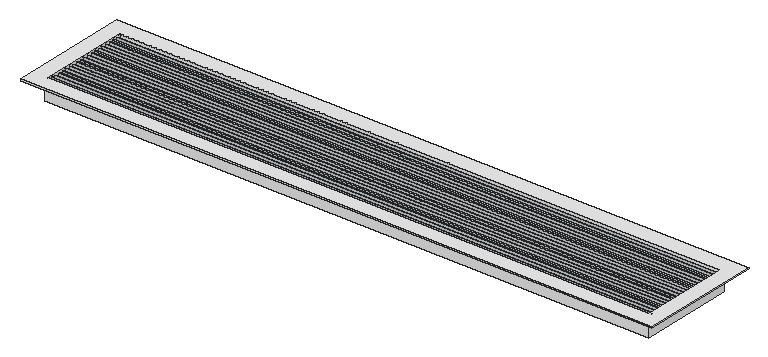
Revit family "DC_Holyoake_MEQ_LD-600_13", category Air Terminals, host Face, Revit 2013
Parameters (values of type "LD 600")
  Width LD [instance] = 150.0 mm
  URL = "http://www.holyoake.com"
  Type Comments = "Fineline Diffuser Series LD linear bar grilles"  # constant formula
  Static Pressure Min = 3.00 Pa
  Static Pressure Max = 69.00 Pa
  Noise Level NC Min = "< 10 NC"
  Noise Level NC Max = "44 NC"
  Model = "LD-600"  # constant formula
  Min Flow = 30 L/s
  Max Flow = 1200 L/s
  Material Face = Holyoake-Aluminium
  Material Body = Holyoake-Aluminium
  Manufacturer = "Holyoake"  # constant formula
  Length LD [instance] = 1000.0 mm
  Holyoake Product Range = "Holyoake Linear Bar Diffusers"  # constant formula
  Description = "Linear Bar Diffuser shall be Holyoake Model LD-600. Linear Bar Diffuser shall be 0 degrees deflection, of extruded aluminium construction to the sizes as documented and supplied. Diffusers shall be finished in powdercoat and fitted with accessories and dampers where indicated as manufactured by Holyoake. "  # constant formula
  Default Elevation = 0.0 mm
  Array Number [instance] = ((Width LD - 25.4 mm) / 6.4 mm) - 0.9  # 19
Reference planes
  plane 1 "Center (Front/Back)": y = 0
  plane 2: z = 0
  plane 3 "Center (Left/Right)": x = 0
  plane 4: x = -500
  plane 5: x = 500
  plane 6: y = 75
  plane 7: y = -75
Forms (mm)
  Sweep 1, solid, material "Holyoake-Aluminium" <- "Material Body"
    path origin (0, 0, 0) x (1, 0, 0) y (0, 1, 0)
      loop
        line (-500, 75) -> (-500, -75) -> (500, -75) -> (500, 75) -> (-500, 75)
    profile origin (0, 75, 0) x (0, 1, 0) y (0, 0, 1)
      loop
        line (2, 0) -> (25, 0) -> (25, 2) -> (0, 2) -> (0, -32) -> (2, -32) -> (2, 0)
  Extrusion 2, void
    sketch origin (0, 0, 0) x (1, 0, 0) y (0, 1, 0)
      loop
        line (-500, 75) -> (-500, -75) -> (500, -75) -> (500, 75) -> (-500, 75)
    from 0 to -1000
Cuts and joins
  Extrusion 2 cuts Sweep 1
Lines and regions (mm)
  reference lines
    curve 1: line (-590.798, 68.65, 0) -> (-485.798, 68.65, 0)
    curve 2: line (-590.798, -68.65, 0) -> (-490.798, -68.65, 0)
Dimensions and locks
  equal spacing: plane 6, plane 1 "Center (Front/Back)", plane 7
  "Width LD": plane 6 to plane 7
  "Length LD": plane 4 to plane 5
  equal spacing: plane 4, plane 3 "Center (Left/Right)", plane 5
  locked: plane 6 to curve 1 at 6.35
  locked: curve 2 to plane 7 at 6.35
  equal spacing: group 1, group 3, group 4, group 5, group 6, group 7, group 8, group 9, group 10, group 11, group 12, group 13, group 14, group 15, group 16, group 17, group 18, group 19, group 2  (x2)
  equal spacing: group 2, group 19, group 18, group 17, group 16, group 15, group 14, group 13, group 12, group 11, group 10, group 9, group 8, group 7, group 6, group 5, group 4, group 3, group 1
  aligned and locked: plane 2 to host face
  aligned and locked: level to host face
  aligned and locked: plane 4 to Sweep 1 sketch curve
  aligned and locked: Sweep 1 sketch curve to plane 6
  aligned and locked: plane 7 to Sweep 1 sketch curve
  aligned and locked: Sweep 1 sketch curve to plane 5
  aligned and locked: plane 4 to nested 1
  aligned and locked: plane 4 to Sweep 1
  aligned and locked: nested 1 to curve 1
  aligned and locked: Sweep 1 to level
  aligned and locked: curve 2 to nested 2
  aligned and locked: plane 4 to nested 2
  aligned and locked: Extrusion 2 sketch curve to Sweep 1  (x3)
  aligned and locked: Sweep 1 to Extrusion 2 sketch curve
Automatic sketch dimensions
  Sweep 1 sketch curve to level = 0.0 mm
  Sweep 1 sketch curve to profile plane = 0.0 mm
  Sweep 1 sketch curve to Sweep 1 sketch curve = 2.0 mm
  Sweep 1 sketch curve to Sweep 1 sketch curve = 23.0 mm
  Sweep 1 sketch curve to Sweep 1 sketch curve = 32.0 mm
  level to Sweep 1 sketch curve = 2.0 mm
  host sketch curve to host sketch curve = 1404.865 mm
  host sketch curve to host sketch curve = 525.655 mm
  curve 2 to plane 4 = 90.798 mm
  curve 1 to curve 2 = 0.0 mm
  plane 4 to curve 2 = 9.202 mm
  plane 4 to curve 1 = 14.202 mm
Nested families
  nested 1: "LD Blade" at (-500, 67.15, 0), Blade Length <- "Length LD", type "LD Blade"
    with Blade Length 1000.0 mm
  nested 2: "LD Blade" at (-500, -68.65, 0), Blade Length <- "Length LD", type "LD Blade"
    with Blade Length 1000.0 mm
  nested 3: "LD Blade" at (-500, 59.606, 0), Blade Length <- "Length LD", type "LD Blade"
    with Blade Length 1000.0 mm
  nested 4: "LD Blade" at (-500, 52.061, 0), Blade Length <- "Length LD", type "LD Blade"
    with Blade Length 1000.0 mm
  nested 5: "LD Blade" at (-500, 44.517, 0), Blade Length <- "Length LD", type "LD Blade"
    with Blade Length 1000.0 mm
  nested 6: "LD Blade" at (-500, 36.972, 0), Blade Length <- "Length LD", type "LD Blade"
    with Blade Length 1000.0 mm
  nested 7: "LD Blade" at (-500, 29.428, 0), Blade Length <- "Length LD", type "LD Blade"
    with Blade Length 1000.0 mm
  nested 8: "LD Blade" at (-500, 21.883, 0), Blade Length <- "Length LD", type "LD Blade"
    with Blade Length 1000.0 mm
  nested 9: "LD Blade" at (-500, 14.339, 0), Blade Length <- "Length LD", type "LD Blade"
    with Blade Length 1000.0 mm
  nested 10: "LD Blade" at (-500, 6.794, 0), Blade Length <- "Length LD", type "LD Blade"
    with Blade Length 1000.0 mm
  nested 11: "LD Blade" at (-500, -0.75, 0), Blade Length <- "Length LD", type "LD Blade"
    with Blade Length 1000.0 mm
  nested 12: "LD Blade" at (-500, -8.294, 0), Blade Length <- "Length LD", type "LD Blade"
    with Blade Length 1000.0 mm
  nested 13: "LD Blade" at (-500, -15.839, 0), Blade Length <- "Length LD", type "LD Blade"
    with Blade Length 1000.0 mm
  nested 14: "LD Blade" at (-500, -23.383, 0), Blade Length <- "Length LD", type "LD Blade"
    with Blade Length 1000.0 mm
  nested 15: "LD Blade" at (-500, -30.928, 0), Blade Length <- "Length LD", type "LD Blade"
    with Blade Length 1000.0 mm
  nested 16: "LD Blade" at (-500, -38.472, 0), Blade Length <- "Length LD", type "LD Blade"
    with Blade Length 1000.0 mm
  nested 17: "LD Blade" at (-500, -46.017, 0), Blade Length <- "Length LD", type "LD Blade"
    with Blade Length 1000.0 mm
  nested 18: "LD Blade" at (-500, -53.561, 0), Blade Length <- "Length LD", type "LD Blade"
    with Blade Length 1000.0 mm
  nested 19: "LD Blade" at (-500, -61.106, 0), Blade Length <- "Length LD", type "LD Blade"
    with Blade Length 1000.0 mm
Definition of nested family "LD Blade"
  Parameters (values of type "LD Blade")
    Blade Material = none
    Blade Length [instance] = 600.0 mm
    Assembly Code = ""
  Reference planes
    plane 1 "Center (Front/Back)": y = 0
    plane 2: z = 0
    plane 3 "Center (Left/Right)": x = 0
    plane 4: x = 600
  Forms (mm)
    Extrusion 1, solid
      sketch origin (0, -1.042, 0) x (1, 0, 0) y (0, 1, 0)
        loop
          line (0, 1.042) -> (600, 1.042) -> (600, 2.542) -> (0, 2.542) -> (0, 1.042)
      from 0 to -20
  Dimensions and locks
    Extrusion 1 sketch curve to Extrusion 1 sketch curve = 1.5 mm
    "Blade Length": plane 3 "Center (Left/Right)" to plane 4
    locked: plane 1 "Center (Front/Back)" to Extrusion 1 at 1.5
    aligned and locked: plane 1 "Center (Front/Back)" to Extrusion 1
    aligned and locked: Extrusion 1 to plane 3 "Center (Left/Right)"
    aligned and locked: plane 4 to Extrusion 1
  Automatic sketch dimensions
    Extrusion 1 sketch curve to plane 1 "Center (Front/Back)" = 1.5 mm
    Extrusion 1 sketch curve to plane 3 "Center (Left/Right)" = 0.0 mm
    plane 4 to Extrusion 1 sketch curve = 0.0 mm
